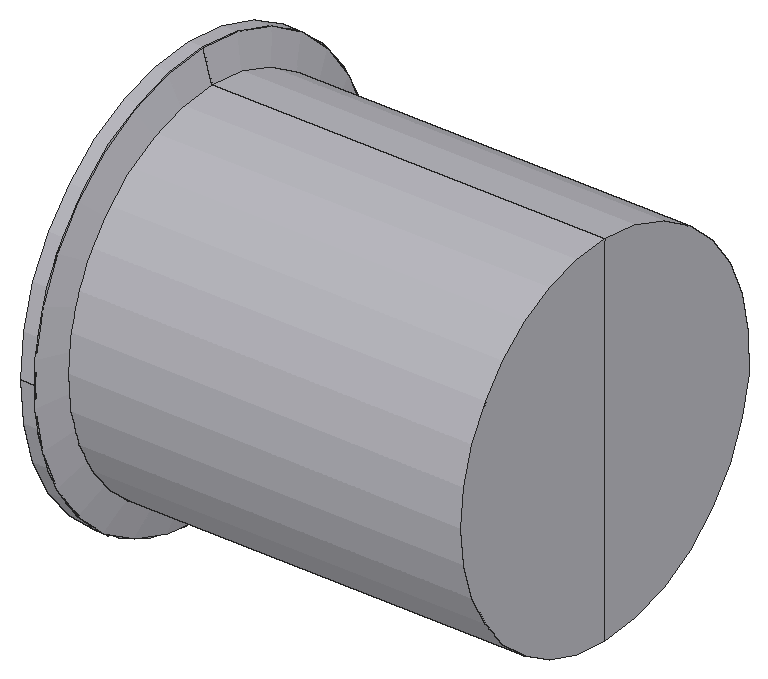
Revit family "14MPHT Tygon Hose Adapter-316L", category Pipe Accessories, Revit 2018
Family settings
  Round Connector Dimension = Use Diameter
  Part Type = Normal
  Work Plane-Based = No
  Always vertical = Yes
  Cut with Voids When Loaded = No
  Shared = No
Parameters (values of type "14MPHT Tygon Hose Adapter-316L")
  void1 [instance] = 0.021"  # constant formula
  pipe radius [instance] = Nominal Diameter / 2  # 2.000"
  Weight [instance] = size_lookup(LookupTable, "Weight", "NA", Nominal Diameter)  # "1.4 lbs."
  URL = "http://www.fnw.com"
  Standards Lookup Table = "Standards"  # constant formula
  R1 [instance] = size_lookup(LookupTable, "R1", 0.000", Nominal Diameter)  # 2.341"
  Product ID [instance] = size_lookup(LookupTable, "ProductID", "NA", Nominal Diameter)  # "4830638"
  Part Number [instance] = size_lookup(LookupTable, "PartNumber", "NA", Nominal Diameter)  # "G14MPHT76P"
  Nominal Diameter [instance] = 4"
  LookupTable = "14MPHT"  # constant formula
  FT1 [instance] = size_lookup(LookupTable, "FT1", 0.000", Nominal Diameter)  # 0.156"
  Description BOM [instance] = size_lookup(LookupTable, "Description_BOM", "NA", Nominal Diameter)  # "4 316L TYGON HOSE ADPT #7"
  A [instance] = size_lookup(LookupTable, "A", 0.000", Nominal Diameter)  # 4.625"
Reference planes (in)
  plane 1 "Center (Front/Back)": y = 0
  plane 2: z = 0
  plane 3 "Center (Left/Right)": x = 0
  plane 4: z = 2
  plane 5: x = -2.3125
  plane 6: x = 2.3125
  plane 7: z = 2.341
  plane 8: x = -2.1565
Forms (in)
  Extrusion 1, solid, material "Steel, Stainless"
    sketch origin (0, 0, 0) x (0, 1, 0) y (0, 0, 1)
      loop
        circle (0, 0) r 2
      loop
        circle (0, 0) r 2.341
    from -2.3125 to -2.1565
  Revolve 2, solid, material "Steel, Stainless"
    sketch origin (0, 0, 0) x (1, 0, 0) y (0, 0, 1)
      loop
        line (-2.05671, 2) -> (-2.1565, 2.341) -> (-2.1565, 0) -> (2.3125, 0) -> (2.3125, 2) -> (-2.05671, 2)
      axis (2.3125, 0) -> (-2.1565, 0)
    angle from 0 to 360
Text (in)
  text "1/2\" shown" at (2.42436, 0, -2.37906), in view "Front"
Dimensions and locks (in)
  equal spacing: plane 6, plane 3 "Center (Left/Right)", plane 5
  "A": plane 6 to plane 5
  "pipe radius": plane 4 to plane 2
  "R1": plane 7 to plane 2
  "FT1": plane 8 to plane 5
  "pipe radius": radius of Extrusion 1 sketch curve
  "R1": radius of Extrusion 1 sketch curve
  aligned and locked: plane 2 to level
  aligned and locked: Extrusion 1 to plane 5
  aligned and locked: Extrusion 1 to plane 8
  aligned and locked: Extrusion 1 to Revolve 2 sketch curve
  aligned and locked: plane 2 to Revolve 2 sketch curve
  aligned and locked: Revolve 2 sketch curve to plane 6
Automatic sketch dimensions
  Revolve 2 sketch curve to level = 0.000"
  Revolve 2 sketch curve to plane 7 = 0.000"
  Revolve 2 sketch curve to plane 5 = 0.33887"
  plane 8 to Revolve 2 sketch curve = 0.09979"
  plane 8 to Revolve 2 sketch curve = 0.15013"
  Revolve 2 sketch curve to plane 4 = 0.000"
  Extrusion 1 sketch curve to Extrusion 1 sketch curve = 0.000"  (x2)
  Extrusion 1 sketch curve to level = 0.000"
  Extrusion 1 sketch curve to plane 1 "Center (Front/Back)" = 0.000"
Connectors (in)
  piping at (-2.3125, 0, 0), diameter 4, driven by "Nominal Diameter"
    settings: on Extrusion 1, index 1, connector inside diameter 24", connector length 0.000", flow factor 0, pipe flow 0 GPM, pressure drop 0.00 psi, fitting loss kfactor 0, connector angle 0.00°, fixture units 0, engagement length 0.000", angle of deflection 0.00°, flow configuration 0, flow direction 0, fitting loss method 0, system type 16, joint type 0, gender type 0, connector reference index -1, connector utility 0, adjustable connector no, is connector primary yes, connector description ""
  piping at (2.3125, 0, 0), diameter 4, driven by "Nominal Diameter"
    settings: on Revolve 2, index 2, connector inside diameter 24", connector length 0.000", flow factor 0, pipe flow 0 GPM, pressure drop 0.00 psi, fitting loss kfactor 0, connector angle 0.00°, fixture units 0, engagement length 0.000", angle of deflection 0.00°, flow configuration 0, flow direction 0, fitting loss method 0, system type 16, joint type 0, gender type 0, connector reference index -1, connector utility 0, adjustable connector no, is connector primary no, connector description ""
